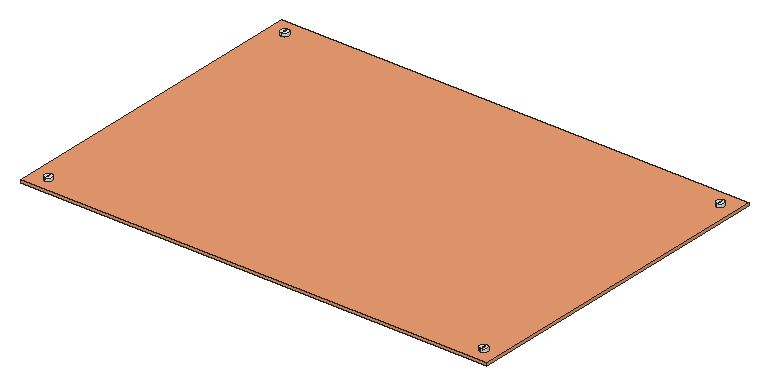
Revit family "Clarus_Float+Depth_R20", category Furniture, host Face, Revit 2020
Family settings
  Host = Face
  Cut with Voids When Loaded = No
  Shared = No
  Room Calculation Point = No
Parameters (values of type "60" X 42" Float")
  Width Control = if(Width > 72", 72", Width)  # 60"
  Width = 60"
  URL = "https://www.clarus.com/"
  TRC Standards [instance] = "http://therevitcollection.com/news/trc-news-the-revit-collection-standards-explained/"
  Stand-offs = yes
  Stand-Offs [instance] = Clarus Stainless Steel
  Product URL = "https://www.clarus.com/float-depth/"
  More Revit Families! [instance] = "www.therevitcollection.com"
  Modeled By = "Commense Studio"  # constant formula
  Model = "Float + Depth"  # constant formula
  Manufacturer = "Clarus"  # constant formula
  Height Control = if(Height > 144", 144", Height)  # 42"
  Glass Thickness = 1/4"
  Clarus Glass [instance] = CBC-503 POP Orange
  Description = "The original glassboards, Float and Depth, are the modern version of the traditional whiteboard. Choose your mounting style and elevate any interior with our wall-mounted glassboards. When inspiration strikes, make sure you have the perfect canvas to capture\r\nyour creativity."  # constant formula
  Height = 42"
  Designer = ""
  Depth = 1 37/128"
  Default Elevation = 0"
  Assembly Code = ""
Types (15): name | Width Control | Width | Stand-offs | Height Control | Clarus Glass | Height | Depth
  (no name) | 60" | 60" | yes | 42" | CBC-503 POP Orange | 42" | 1 37/128"
  36" X 24" Float | 36" | 36" | yes | 24" | CBC-223 Deep Blue | 24" | 1 37/128"
  36" X 24" Depth | 36" | 36" | no | 24" | CBC-223 Deep Blue | 24" | 1/2"
  48" X 36" Depth | 48" | 48" | no | 36" | CBC-306 Gallant Green | 36" | 1/2"
  48" X 36" Float | 48" | 48" | yes | 36" | CBC-306 Gallant Green | 36" | 1 37/128"
  60" X 42" Depth | 60" | 60" | no | 42" | CBC-503 POP Orange | 42" | 1/2"
  60" X 42" Float | 60" | 60" | yes | 42" | CBC-503 POP Orange | 42" | 1 37/128"
  60" X 48" Float | 60" | 60" | yes | 48" | CBC-503 POP Orange | 48" | 1 37/128"
  60" X 48" Depth | 60" | 60" | no | 48" | CBC-503 POP Orange | 48" | 1/2"
  72" X 48" Float | 72" | 72" | yes | 48" | CBC-603 POP Pink | 48" | 1 37/128"
  72" X 48" Depth | 72" | 72" | no | 48" | CBC-603 POP Pink | 48" | 1/2"
  84" X 48" Float | 72" | 96" | yes | 48" | CBC-705 Personable Purple | 48" | 1 37/128"
  84" X 48" Depth | 72" | 96" | no | 48" | CBC-705 Personable Purple | 48" | 1/2"
  120" X 48" Float | 72" | 120" | yes | 48" | CBC-610 Resolute Red | 48" | 1 37/128"
  120" X 48" Depth | 72" | 120" | no | 48" | CBC-610 Resolute Red | 48" | 1/2"
Reference planes (in)
  plane 1 "Center (Front/Back)": y = 0
  plane 2: z = 0
  plane 3 "Center (Left/Right)": x = 0
  plane 4 "L": x = -30
  plane 5 "R": x = 30
  plane 6 "B": y = 21
  plane 7 "F": y = -21
  plane 8: z = 1.28906
  plane 9: z = 1.03906
  plane 10: x = -28
  plane 11: x = 28
  plane 12: y = 19
  plane 13: y = -19
Forms (in)
  Extrusion 1, solid, material "CBC-503 POP Orange" <- "Clarus Glass"
    sketch origin (0, 0, 0) x (1, 0, 0) y (0, 1, 0)
      loop
        line (-30, 21) -> (-30, -21) -> (30, -21) -> (30, 21) -> (-30, 21)
    from 1.03906 to 1.28906
Dimensions and locks (in)
  equal spacing: plane 4 "L", plane 3 "Center (Left/Right)", plane 5 "R"
  "Width": plane 4 "L" to plane 5 "R"
  equal spacing: plane 7 "F", plane 1 "Center (Front/Back)", plane 6 "B"
  "Height": plane 7 "F" to plane 6 "B"
  "Depth": plane 8 to level
  "Glass Thickness": plane 8 to plane 9
  locked: plane 4 "L" to plane 10 at 2
  locked: plane 5 "R" to plane 11 at 2
  locked: plane 6 "B" to plane 12 at 2
  locked: plane 7 "F" to plane 13 at 2
  aligned and locked: plane 2 to host face
  aligned and locked: level to host face
  aligned and locked: Extrusion 1 to plane 9
  aligned and locked: plane 8 to Extrusion 1
  aligned and locked: plane 10 to nested 1
  aligned and locked: nested 1 to plane 12
  aligned and locked: nested 2 to plane 13
  aligned and locked: plane 10 to nested 2
  aligned and locked: plane 11 to nested 3
  aligned and locked: nested 3 to plane 12
  aligned and locked: plane 11 to nested 4
  aligned and locked: nested 4 to plane 13
Automatic sketch dimensions
  host sketch curve to host sketch curve = 96"  (x2)
  plane 6 "B" to Extrusion 1 sketch curve = 0"
  Extrusion 1 sketch curve to plane 5 "R" = 0"
  Extrusion 1 sketch curve to plane 4 "L" = 0"
  plane 7 "F" to Extrusion 1 sketch curve = 0"
Nested families (in)
  nested 1: "Clarus_Standoff_R18" at (-28, 19, 0), Core Finish <- "Stand-Offs", visible <- "Stand-offs", type "40" X 21""
    with TRC Standards "http://therevitcollection.com/news/trc-news-the-revit-collection-standards-explained/", More Revit Families! "www.therevitcollection.com", Leg Finish Clarus Black, Core Finish Clarus Stainless Steel, Clarus Glass CBC-116 Smooth White, Caster Color Clarus Black
  nested 2: "Clarus_Standoff_R18" at (-28, -19, 0), Core Finish <- "Stand-Offs", visible <- "Stand-offs", type "40" X 21""
    with TRC Standards "http://therevitcollection.com/news/trc-news-the-revit-collection-standards-explained/", More Revit Families! "www.therevitcollection.com", Leg Finish Clarus Black, Core Finish Clarus Stainless Steel, Clarus Glass CBC-116 Smooth White, Caster Color Clarus Black
  nested 3: "Clarus_Standoff_R18" at (28, 19, 0) x (-1, 0, 0) z (0, 0, 1), Core Finish <- "Stand-Offs", visible <- "Stand-offs", type "40" X 21""
    with TRC Standards "http://therevitcollection.com/news/trc-news-the-revit-collection-standards-explained/", More Revit Families! "www.therevitcollection.com", Leg Finish Clarus Black, Core Finish Clarus Stainless Steel, Clarus Glass CBC-116 Smooth White, Caster Color Clarus Black
  nested 4: "Clarus_Standoff_R18" at (28, -19, 0) x (-1, 0, 0) z (0, 0, 1), Core Finish <- "Stand-Offs", visible <- "Stand-offs", type "40" X 21""
    with TRC Standards "http://therevitcollection.com/news/trc-news-the-revit-collection-standards-explained/", More Revit Families! "www.therevitcollection.com", Leg Finish Clarus Black, Core Finish Clarus Stainless Steel, Clarus Glass CBC-116 Smooth White, Caster Color Clarus Black
Definition of nested family "Clarus_Standoff_R18"
  Parameters (values of type "40" X 21"")
    Width = 1"
    URL = "https://www.clarus.com/"
    TRC Standards [instance] = "http://therevitcollection.com/news/trc-news-the-revit-collection-standards-explained/"
    Product URL = "https://www.clarus.com/be-mobile/"
    More Revit Families! [instance] = "www.therevitcollection.com"
    Modeled By = "Commense Studio"  # constant formula
    Model = "be! Mobile"  # constant formula
    Manufacturer = "Clarus"  # constant formula
    Leg Finish [instance] = none
    Clarus Glass [instance] = none
    Core Finish [instance] = none
    Description = "Rolling Glassboard"  # constant formula
    Height = 1 1/2"
    Designer = ""
    Depth = 1"
    Default Elevation = 0"
    Caster Color [instance] = none
    Assembly Code = ""
  Reference planes (in)
    plane 1 "Center (Front/Back)": y = 0
    plane 2: z = 0
    plane 3 "Center (Left/Right)": x = 0
    plane 4 "L": x = -0.5
    plane 5 "R": x = 0.5
    plane 6 "B": y = 0.5
    plane 7 "F": y = -0.5
    plane 8: z = 1.5
  Forms (in)
    Extrusion 1, solid
      sketch origin (0, 0, 0) x (1, 0, 0) y (0, 1, 0)
        loop
          line (-48, 48) -> (-48, -48) -> (48, -48) -> (48, 48) -> (-48, 48)
      from 0 to -12
    Revolve 2, solid, material <- "Core Finish"
      sketch origin (0, 0, 0) x (0, 1, 0) y (0, 0, 1)
        loop
          line (0.5, 0) -> (0.5, 1.03949) -> (0.25, 1.03949) -> (0.25, 1.2887) -> (0.5, 1.2887) -> (0.5, 1.58426) -> (0, 1.62801) -> (0.17201, 1.52465) -> (0.17201, 1.32063) -> (0.20498, 1.32063) -> (0.19108, 1.26875) -> (0.19108, 1.03949) -> (0.159, 1.03949) -> (0.159, 0.23945) -> (0.11516, 0.1665) -> (0.11516, 0) -> (0.5, 0)
        axis (0, 1.62801) -> (0, 0)
      angle from 0 to 360
  Dimensions and locks (in)
    equal spacing: plane 4 "L", plane 3 "Center (Left/Right)", plane 5 "R"
    "Width": plane 4 "L" to plane 5 "R"
    equal spacing: plane 7 "F", plane 1 "Center (Front/Back)", plane 6 "B"
    "Depth": plane 7 "F" to plane 6 "B"
    "Height": plane 8 to level
    aligned and locked: plane 2 to Extrusion 1
    aligned and locked: level to Extrusion 1
  Automatic sketch dimensions
    Extrusion 1 sketch curve to Extrusion 1 sketch curve = 96"  (x2)
    Revolve 2 sketch curve to plane 1 "Center (Front/Back)" = 0"  (x2)
    Revolve 2 sketch curve to level = 0"
    Revolve 2 sketch curve to plane 6 "B" = 0"  (x2)
    Revolve 2 sketch curve to plane 1 "Center (Front/Back)" = 0.11516"
    Revolve 2 sketch curve to plane 1 "Center (Front/Back)" = 0.159"
    Revolve 2 sketch curve to plane 1 "Center (Front/Back)" = 0.17201"
    Revolve 2 sketch curve to Revolve 2 sketch curve = 0.03208"
    Revolve 2 sketch curve to Revolve 2 sketch curve = 0.03297"
    Revolve 2 sketch curve to Revolve 2 sketch curve = 0.05892"
    Revolve 2 sketch curve to Revolve 2 sketch curve = 0.1665"
    Revolve 2 sketch curve to Revolve 2 sketch curve = 0.07296"
    Revolve 2 sketch curve to plane 8 = 0.46051"
    Revolve 2 sketch curve to Revolve 2 sketch curve = 0"
    Revolve 2 sketch curve to Revolve 2 sketch curve = 0.22926"
    Revolve 2 sketch curve to Revolve 2 sketch curve = 0.01995"
    Revolve 2 sketch curve to Revolve 2 sketch curve = 0.05187"
    plane 8 to Revolve 2 sketch curve = 0.02465"
    plane 8 to Revolve 2 sketch curve = 0.08426"
    plane 8 to Revolve 2 sketch curve = 0.12801"
    Revolve 2 sketch curve to level = 0.15571"
    Revolve 2 sketch curve to Revolve 2 sketch curve = 0.21629"
